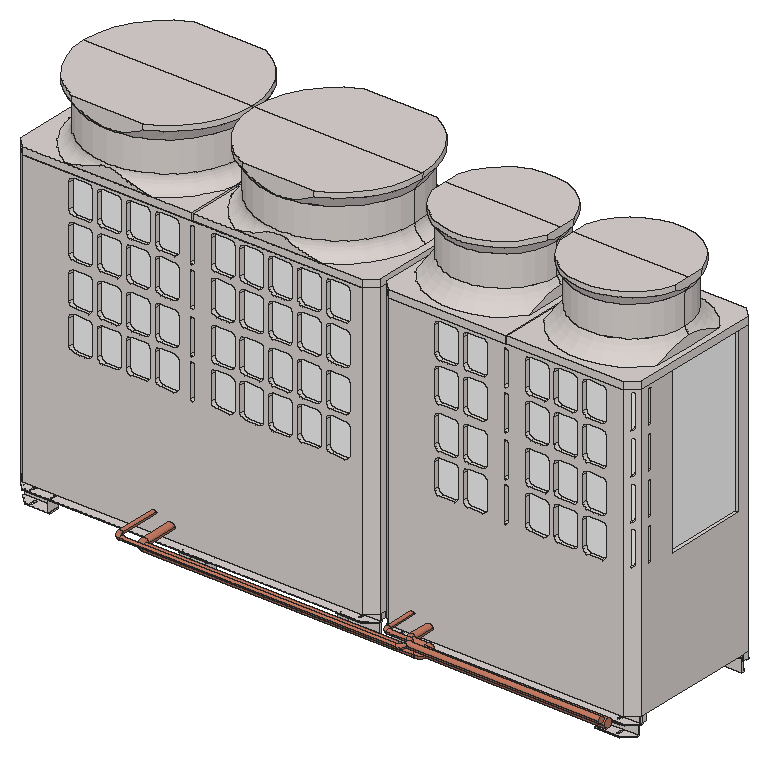
Revit family "PURY-EP950YSNW-A1", category 機械設備, Revit 2016 (continued)
Definition of nested family "PURY-EP500YNW-A1"
  Definition of nested family "FAN GUARD"
    Dimensions and locks
      locked: plane 6 to plane 5 at 740
      plane 8 to plane 3 "中心(左/右)" to plane 7 = 460.000 mm, 410.000 mm
      equal spacing: plane 6, plane 1 "中心(正面/背面)", plane 5
      plane 3 "中心(左/右)" to Revolve 2 sketch curve = 408.829 mm
      locked: plane 10 "ファンガード上面" to plane 9 "ファンガード基準上面" at 303
      locked: plane 12 to plane 11 at 870
      locked: plane 3 "中心(左/右)" to plane 11 at 410
      locked: plane 12 to plane 3 "中心(左/右)" at 460
      plane 9 "ファンガード基準上面" to plane 4 "ファンガード基準面" = 34.000 mm
      aligned and locked: level to plane 2
      aligned and locked: plane 5 to Extrusion 1 sketch curve
      aligned and locked: Extrusion 1 sketch curve to plane 6
      aligned and locked: plane 8 to Extrusion 1 sketch curve
      aligned and locked: plane 7 to Extrusion 1 sketch curve
      aligned and locked: plane 9 "ファンガード基準上面" to Extrusion 1
      aligned and locked: plane 4 "ファンガード基準面" to Extrusion 1
      aligned and locked: plane 9 "ファンガード基準上面" to Revolve 2 sketch curve
      aligned and locked: Revolve 2 sketch curve to plane 3 "中心(左/右)"
      aligned and locked: cut or joined group of Revolve 2, Extrusion 3, Extrusion 4 to plane 10 "ファンガード上面"
      aligned and locked: plane 11 to Extrusion 1
      aligned and locked: Extrusion 1 to plane 12
    Automatic sketch dimensions
      plane 8 to Extrusion 1 sketch curve = 50.000 mm  (x2)
      plane 5 to Extrusion 1 sketch curve = 50.000 mm
      Extrusion 1 sketch curve to plane 6 = 50.000 mm
      plane 3 "中心(左/右)" to Extrusion 3 sketch curve = 345.000 mm  (x2)
      Extrusion 3 sketch curve to plane 3 "中心(左/右)" = 345.000 mm  (x2)
      Extrusion 3 sketch curve to Extrusion 3 sketch curve = 175.000 mm
      Extrusion 3 sketch curve to Extrusion 3 sketch curve = 169.592 mm
      plane 1 "中心(正面/背面)" to curve 2 = 0.000 mm
      plane 1 "中心(正面/背面)" to curve 3 = 0.000 mm
      curve 3 to plane 3 "中心(左/右)" = 0.000 mm
      curve 12 to plane 3 "中心(左/右)" = 0.000 mm
      plane 1 "中心(正面/背面)" to curve 1 = 0.000 mm
      plane 3 "中心(左/右)" to curve 53 = 10.000 mm
      curve 17 to curve 12 = 20.000 mm
      curve 55 to curve 53 = 20.000 mm
      curve 18 to curve 17 = 20.000 mm
      curve 56 to curve 55 = 20.000 mm
      curve 19 to curve 18 = 20.000 mm
      curve 57 to curve 56 = 20.000 mm
      curve 20 to curve 19 = 20.000 mm
      curve 2 to curve 57 = 10.000 mm
      curve 21 to curve 20 = 20.000 mm
      curve 22 to curve 21 = 20.000 mm
      curve 23 to curve 22 = 20.000 mm
      curve 24 to curve 23 = 20.000 mm
      curve 25 to curve 24 = 20.000 mm
      curve 26 to curve 25 = 20.000 mm
      curve 27 to curve 26 = 20.000 mm
      curve 28 to curve 27 = 20.000 mm
      curve 29 to curve 28 = 20.000 mm
      curve 29 to curve 11 = 5.558 mm
      curve 29 to curve 7 = 5.558 mm
      curve 30 to curve 7 = 25.558 mm
      curve 31 to curve 30 = 20.000 mm
      curve 32 to curve 31 = 20.000 mm
      curve 33 to curve 32 = 20.000 mm
      curve 33 to curve 6 = 9.030 mm
      curve 33 to curve 10 = 9.030 mm
      curve 34 to curve 10 = 29.030 mm
      curve 35 to curve 34 = 20.000 mm
      curve 35 to curve 9 = 3.781 mm
      curve 35 to curve 5 = 3.781 mm
      curve 36 to curve 9 = 23.781 mm
      curve 8 to curve 36 = 0.925 mm
      curve 4 to curve 36 = 0.925 mm
      curve 54 to plane 3 "中心(左/右)" = 10.000 mm
      curve 13 to plane 3 "中心(左/右)" = 20.000 mm
      curve 54 to curve 58 = 20.000 mm
      curve 13 to curve 14 = 20.000 mm
      curve 58 to curve 59 = 20.000 mm
      curve 14 to curve 15 = 20.000 mm
      curve 59 to curve 60 = 20.000 mm
      curve 15 to curve 16 = 20.000 mm
      curve 16 to curve 37 = 20.000 mm
      curve 37 to curve 38 = 20.000 mm
      curve 38 to curve 39 = 20.000 mm
      curve 39 to curve 40 = 20.000 mm
      curve 40 to curve 41 = 20.000 mm
      curve 41 to curve 42 = 20.000 mm
      curve 42 to curve 43 = 20.000 mm
      curve 43 to curve 44 = 20.000 mm
      curve 44 to curve 45 = 20.000 mm
      curve 7 to curve 45 = 5.558 mm
      curve 11 to curve 45 = 5.558 mm
      curve 7 to curve 46 = 25.558 mm
      curve 46 to curve 47 = 20.000 mm
      curve 47 to curve 48 = 20.000 mm
      curve 48 to curve 49 = 20.000 mm
      curve 6 to curve 49 = 9.030 mm
      curve 10 to curve 49 = 9.030 mm
      curve 10 to curve 50 = 29.030 mm
      curve 50 to curve 51 = 20.000 mm
      curve 9 to curve 51 = 3.781 mm
      curve 5 to curve 51 = 3.781 mm
      curve 5 to curve 52 = 23.781 mm
      curve 52 to curve 8 = 0.925 mm
      curve 8 to plane 1 "中心(正面/背面)" = 80.000 mm
      curve 36 to curve 8 = 4.504 mm
      curve 52 to curve 8 = 4.504 mm
      curve 9 to curve 36 = 75.496 mm
      curve 9 to curve 51 = 9.199 mm
      curve 9 to curve 35 = 9.199 mm
      curve 50 to curve 51 = 42.954 mm
      curve 34 to curve 35 = 42.954 mm
      curve 10 to curve 50 = 46.245 mm
      curve 10 to curve 33 = 12.974 mm
      curve 10 to curve 49 = 12.974 mm
      curve 48 to curve 49 = 27.416 mm
      curve 32 to curve 33 = 27.416 mm
      curve 47 to curve 48 = 23.300 mm
      curve 31 to curve 32 = 23.300 mm
      curve 46 to curve 47 = 20.152 mm
      curve 30 to curve 31 = 20.152 mm
      curve 11 to curve 30 = 22.106 mm
      curve 11 to curve 29 = 4.499 mm
      curve 11 to curve 45 = 4.499 mm
      curve 28 to curve 29 = 15.469 mm
      curve 44 to curve 45 = 15.469 mm
      curve 43 to curve 44 = 13.618 mm
      curve 27 to curve 28 = 13.618 mm
      curve 12 to curve 27 = 25.412 mm
      curve 12 to curve 21 = 0.000 mm
      curve 13 to curve 12 = 0.000 mm
      curve 14 to curve 13 = 0.000 mm  (x2)
      curve 12 to curve 18 = 0.000 mm
      curve 21 to curve 23 = 0.000 mm
      curve 42 to curve 43 = 11.980 mm
      curve 23 to curve 24 = 0.000 mm  (x2)
      curve 41 to curve 42 = 10.502 mm
      curve 24 to curve 25 = 2.929 mm
      curve 40 to curve 41 = 2.929 mm
      curve 25 to curve 26 = 10.502 mm
      curve 40 to curve 39 = 0.000 mm  (x2)
      curve 20 to curve 21 = 0.000 mm  (x2)
      curve 39 to curve 38 = 0.000 mm  (x2)
      curve 15 to curve 14 = 0.000 mm
      curve 38 to curve 37 = 0.000 mm
      curve 37 to curve 16 = 0.000 mm  (x2)
      curve 18 to curve 19 = 0.000 mm  (x2)
      curve 12 to curve 17 = 0.000 mm  (x2)
      curve 21 to curve 22 = 0.000 mm  (x2)
      curve 4 to curve 36 = 4.504 mm
      curve 4 to curve 52 = 4.504 mm
      curve 36 to curve 5 = 75.496 mm
      curve 51 to curve 5 = 9.199 mm
      curve 35 to curve 5 = 9.199 mm
      curve 35 to curve 34 = 42.954 mm
      curve 51 to curve 50 = 42.954 mm
      curve 50 to curve 6 = 46.245 mm
      curve 49 to curve 6 = 12.974 mm
      curve 33 to curve 6 = 12.974 mm
      curve 49 to curve 48 = 27.416 mm
      curve 33 to curve 32 = 27.416 mm
      curve 48 to curve 47 = 23.300 mm
      curve 32 to curve 31 = 23.300 mm
      curve 47 to curve 46 = 20.152 mm
      curve 31 to curve 30 = 20.152 mm
      curve 30 to curve 7 = 22.106 mm
      curve 45 to curve 7 = 4.499 mm
      curve 29 to curve 7 = 4.499 mm
      curve 29 to curve 28 = 15.469 mm
      curve 45 to curve 44 = 15.469 mm
      curve 44 to curve 43 = 13.618 mm
      curve 28 to curve 27 = 13.618 mm
      curve 43 to curve 13 = 25.412 mm
      curve 27 to curve 23 = 25.412 mm
      curve 15 to curve 13 = 0.000 mm
      curve 43 to curve 41 = 22.483 mm
      curve 42 to curve 41 = 10.502 mm
      curve 16 to curve 15 = 0.000 mm
      curve 41 to curve 40 = 2.929 mm
      curve 25 to curve 24 = 2.929 mm
      curve 26 to curve 25 = 10.502 mm
      curve 22 to curve 23 = 0.000 mm
      curve 13 to curve 17 = 0.000 mm
      curve 17 to curve 19 = 0.000 mm
      Revolve 2 sketch curve to plane 10 "ファンガード上面" = 0.000 mm
      Revolve 2 sketch curve to plane 3 "中心(左/右)" = 0.000 mm
      Revolve 2 sketch curve to Revolve 2 sketch curve = 14.665 mm
      Revolve 2 sketch curve to Revolve 2 sketch curve = 17.668 mm
      Revolve 2 sketch curve to plane 10 "ファンガード上面" = 82.799 mm
      Revolve 2 sketch curve to Revolve 2 sketch curve = 40.000 mm
      Revolve 2 sketch curve to level = 1700.815 mm
      Revolve 2 sketch curve to plane 10 "ファンガード上面" = 25.673 mm
      Revolve 2 sketch curve to Revolve 2 sketch curve = 790.769 mm
      curve 4 to curve 1 = 8.829 mm
      curve 2 to curve 4 = 7.904 mm
      plane 1 "中心(正面/背面)" to curve 4 = 80.000 mm
      Extrusion 4 sketch curve to plane 1 "中心(正面/背面)" = 160.000 mm
      plane 3 "中心(左/右)" to Extrusion 4 sketch curve = 450.000 mm
      Extrusion 4 sketch curve to Extrusion 4 sketch curve = 40.000 mm
      plane 1 "中心(正面/背面)" to Extrusion 4 sketch curve = 160.000 mm
      Extrusion 3 sketch curve to plane 1 "中心(正面/背面)" = 545.000 mm
      plane 1 "中心(正面/背面)" to Extrusion 3 sketch curve = 370.000 mm
  Definition of nested family "BASE LEG"
    Parameters
      Width [instance] = 920.000 mm
    Reference planes
      plane 1 "中心(正面/背面)": y = 0
      plane 2: z = 0
      plane 3 "中心(左/右)": x = 0
      plane 4: x = 460
      plane 5: x = -460
      plane 6: x = -380
      plane 7: x = 380
      plane 8: y = -18
      plane 9: y = 39
      plane 10: z = 53
      plane 11: y = 42
      plane 12: y = 27
      plane 13: x = 415
      plane 14: x = -415
      plane 15: z = 8
      plane 16: y = 11.5
      plane 17: z = 35
    Forms (mm)
      Extrusion 1, solid
        sketch origin (0, 0, 0) x (0, 1, 0) y (0, 0, 1)
          loop
            line (-18, 0) -> (36, 0) -> (36, 32) -> (56, 32) -> (56, 35) -> (33, 35) -> (33, 3) -> (-18, 3) -> (-18, 0)
        from -460 to 460
      Extrusion 2, void
        sketch origin (0, 0, 0) x (1, 0, 0) y (0, 1, 0)
          loop
            line (415, -18) -> (460, -18) -> (460, 27) -> (415, -18)
          loop
            line (-415, -18) -> (-460, 27) -> (-460, -18) -> (-415, -18)
        from 0 to 250
      Extrusion 3, void
        sketch origin (0, 12.023, 0) x (1, 0, 0) y (0, 1, 0)
          loop
            arc (373, -2.971) -> (380, -9.971) -> (387, -2.971) r 7
            line (387, -2.971) -> (387, 3.023)
            arc (387, 3.023) -> (380, 10.023) -> (373, 3.023) r 7
            line (373, 3.023) -> (373, -2.971)
          loop
            line (-373, -2.971) -> (-373, 3.023)
            arc (-373, 3.023) -> (-380, 10.023) -> (-387, 3.023) r 7
            line (-387, 3.023) -> (-387, -2.971)
            arc (-387, -2.971) -> (-380, -9.971) -> (-373, -2.971) r 7
        from 0 to 250
      Extrusion 4, solid
        sketch origin (0, 0, -3) x (1, 0, 0) y (0, 0, 1)
          loop
            line (457, 8) -> (460, 8) -> (460, 35) -> (457, 35) -> (457, 8)
          loop
            line (-457, 8) -> (-457, 35) -> (-460, 35) -> (-460, 8) -> (-457, 8)
        from -36 to -56
      Extrusion 5, solid
        sketch origin (150, 352, 0) x (1, 0, 0) y (0, 1, 0)
          loop
            line (310, -319) -> (305, -319) -> (305, -320) -> (255, -370) -> (260, -370) -> (310, -320) -> (310, -319)
        from 3 to 35
      Extrusion 6, void
        sketch origin (410, -18, 0) x (0.707107, 0.707107, 0) y (0, 0, 1)
          loop
            line (70.711, 3) -> (-6.741, 39.767) -> (-6.741, 3) -> (70.711, 3)
        from -190.256 to 23.776
      Extrusion 7, solid
        sketch origin (-150, 352, 0) x (-1, 0, 0) y (0, -1, 0)
          loop
            line (310, 319) -> (310, 320) -> (260, 370) -> (255, 370) -> (305, 320) -> (305, 319) -> (310, 319)
        from 3 to 35
      Extrusion 8, void
        sketch origin (-410, -18, 0) x (0.707107, -0.707107, 0) y (0, 0, -1)
          loop
            line (-70.711, -3) -> (0, -35) -> (6.741, -35) -> (6.741, -3) -> (-70.711, -3)
        from -190.256 to 23.776
    Cuts and joins
      Extrusion 2, Extrusion 3 cuts Extrusion 1
      joined: Extrusion 1, Extrusion 4
      Extrusion 8 cuts Extrusion 7
      Extrusion 6 cuts Extrusion 5
    Dimensions and locks
      "Width": plane 5 to plane 4
      equal spacing: plane 5, plane 3 "中心(左/右)", plane 4
      locked: plane 5 to plane 6 at 80
      locked: plane 7 to plane 4 at 80
      locked: plane 8 to plane 9 at 57
      locked: plane 10 to level at 53
      locked: plane 9 to plane 11 at 3
      plane 8 to plane 12 = 45.000 mm
      locked: plane 13 to plane 4 at 45
      locked: plane 5 to plane 14 at 45
      equal spacing: Extrusion 3 sketch curve, plane 7, Extrusion 3 sketch curve
      equal spacing: Extrusion 3 sketch curve, plane 6, Extrusion 3 sketch curve
      locked: plane 10 to plane 15 at 45
      locked: cut or joined group of Extrusion 1, Extrusion 2, Extrusion 3, Extrusion 4 to Extrusion 4 sketch curve at 3  (x2)
      locked: plane 8 to plane 16 at 29.5
      plane 8 to plane 11 = 60.000 mm
      cut or joined group of Extrusion 1, Extrusion 2, Extrusion 3, Extrusion 4 to cut or joined group of Extrusion 1, Extrusion 2, Extrusion 3, Extrusion 4 = 35.000 mm
      aligned and locked: level to plane 2
      aligned and locked: plane 8 to Extrusion 1 sketch curve
      aligned and locked: plane 4 to Extrusion 1
      aligned and locked: Extrusion 1 to plane 5
      aligned and locked: Extrusion 2 sketch curve to plane 4
      aligned and locked: Extrusion 2 sketch curve to plane 8
      aligned and locked: plane 12 to Extrusion 2 sketch curve
      aligned and locked: plane 13 to Extrusion 2 sketch curve
      aligned and locked: plane 4 to Extrusion 4 sketch curve
      aligned and locked: plane 5 to Extrusion 4 sketch curve
      aligned and locked: cut or joined group of Extrusion 7, Extrusion 8 to cut or joined group of Extrusion 1, Extrusion 2, Extrusion 3, Extrusion 4
    Automatic sketch dimensions
      Extrusion 3 sketch curve to plane 1 "中心(正面/背面)" = 9.052 mm  (x2)
      Extrusion 3 sketch curve to plane 7 = 7.000 mm
      Extrusion 3 sketch curve to plane 1 "中心(正面/背面)" = 15.046 mm  (x2)
      Extrusion 3 sketch curve to plane 6 = 7.000 mm
      Extrusion 2 sketch curve to plane 5 = 0.000 mm
      plane 8 to Extrusion 2 sketch curve = 0.000 mm
      Extrusion 2 sketch curve to plane 14 = 0.000 mm
      plane 12 to Extrusion 2 sketch curve = 0.000 mm
      Extrusion 4 sketch curve to plane 10 = 21.000 mm
      plane 7 to Extrusion 5 sketch curve = 25.000 mm
      Extrusion 5 sketch curve to Extrusion 5 sketch curve = 5.000 mm  (x2)
      plane 7 to Extrusion 5 sketch curve = 75.000 mm
      plane 8 to Extrusion 5 sketch curve = 0.000 mm
      Extrusion 5 sketch curve to Extrusion 5 sketch curve = 50.000 mm
      Extrusion 5 sketch curve to Extrusion 5 sketch curve = 0.000 mm
      Extrusion 5 sketch curve to Extrusion 5 sketch curve = 1.000 mm
      Extrusion 6 sketch curve to Extrusion 5 = 0.000 mm  (x2)
      Extrusion 6 sketch curve to Extrusion 5 = 6.741 mm
      Extrusion 6 sketch curve to Extrusion 5 = 4.767 mm
      plane 6 to Extrusion 7 sketch curve = 25.000 mm
      Extrusion 7 sketch curve to Extrusion 7 sketch curve = 5.000 mm  (x2)
      Extrusion 7 sketch curve to Extrusion 7 sketch curve = 45.000 mm
      Extrusion 7 sketch curve to plane 8 = 0.000 mm
      Extrusion 7 sketch curve to Extrusion 7 sketch curve = 50.000 mm
      Extrusion 7 sketch curve to Extrusion 7 sketch curve = 0.000 mm
      Extrusion 7 sketch curve to Extrusion 7 sketch curve = 1.000 mm
      Extrusion 8 sketch curve to Extrusion 7 = 0.000 mm  (x2)
      Extrusion 7 to Extrusion 8 sketch curve = 0.000 mm  (x2)
      Extrusion 7 to Extrusion 8 sketch curve = 6.741 mm
      Extrusion 4 sketch curve to plane 17 = 3.000 mm
      Extrusion 4 sketch curve to plane 15 = 3.000 mm  (x2)
      Extrusion 1 sketch curve to plane 17 = 0.000 mm
      Extrusion 1 sketch curve to level = 0.000 mm
      level to Extrusion 1 sketch curve = 3.000 mm
      plane 9 to Extrusion 1 sketch curve = 6.000 mm
      plane 9 to Extrusion 1 sketch curve = 3.000 mm
      Extrusion 1 sketch curve to plane 17 = 3.000 mm
      Extrusion 1 sketch curve to plane 11 = 14.000 mm
  Definition of nested family "ATTACHMENT LEG"
    Parameters
      Width = 145.000 mm
    Reference planes
      plane 1: z = 0
      plane 2 "中心(左/右)": x = -6
      plane 3: x = -52
      plane 4: x = 85
      plane 5: x = 93
      plane 6: y = -18
      plane 7: y = 27
      plane 8: x = -30
      plane 9: y = 42
      plane 10: z = 60
      plane 11: z = 57
      plane 12: z = 3
      plane 13: x = 82
      plane 14: y = 39
      plane 15: x = -75
      plane 16: y = 32
      plane 17 "幅": x = 93
      plane 18: y = 5.5
      plane 19: y = 21
      plane 20: y = -10
    Forms (mm)
      Extrusion 1, solid
        sketch origin (0, 0, 0) x (1, 0, 0) y (0, 1, 0)
          loop
            line (-75, 42) -> (-75, 27) -> (-30, -18) -> (93, -18) -> (93, 32) -> (85, 32) -> (85, 42) -> (-75, 42)
        from 0 to 60
      Extrusion 2, void
        sketch origin (0, 0, 0) x (1, 0, 0) y (0, 0, 1)
          loop
            line (-75, 57) -> (-75, 3) -> (82, 3) -> (82, 57) -> (-75, 57)
          loop
            line (93, 57) -> (85, 57) -> (85, 3) -> (93, 3) -> (93, 57)
        from -39 to 18
      Extrusion 3, void
        sketch origin (-6, 5.5, 0) x (1, 0, 0) y (0, 1, 0)
          loop
            arc (-7, -8.5) -> (0, -15.5) -> (7, -8.5) r 7
            line (7, -8.5) -> (7, 8.5)
            arc (7, 8.5) -> (0, 15.5) -> (-7, 8.5) r 7
            line (-7, 8.5) -> (-7, -8.5)
        from 0 to 60
    Cuts and joins
      Extrusion 2, Extrusion 3 cuts Extrusion 1
    Dimensions and locks
      locked: plane 3 to plane 4 at 137
      locked: plane 3 to plane 5 at 145
      plane 6 to plane 7 = 45.000 mm
      locked: plane 6 to plane 9 at 60
      locked: plane 10 to level at 60
      Extrusion 3 sketch curve to plane 2 "中心(左/右)" = 7.000 mm
      locked: plane 15 to plane 2 "中心(左/右)" at 69
      locked: plane 15 to plane 8 at 45
      locked: plane 6 to plane 18 at 23.5
      cut or joined group of Extrusion 1, Extrusion 2, Extrusion 3 to cut or joined group of Extrusion 1, Extrusion 2, Extrusion 3 = 168.000 mm
      aligned and locked: level to plane 1
      aligned and locked: plane 9 to Extrusion 1 sketch curve
      aligned and locked: Extrusion 1 sketch curve to plane 4
      aligned and locked: Extrusion 1 sketch curve to plane 5
      aligned and locked: Extrusion 1 sketch curve to plane 6
      aligned: plane 8 to Extrusion 1 sketch curve
      aligned and locked: plane 10 to Extrusion 1
      aligned and locked: Extrusion 2 sketch curve to plane 11
      aligned: plane 3 to Extrusion 2 sketch curve
      aligned and locked: plane 12 to Extrusion 2 sketch curve
      aligned and locked: Extrusion 2 sketch curve to plane 13
      aligned and locked: plane 6 to Extrusion 2
      aligned and locked: Extrusion 2 to plane 14
      aligned and locked: plane 11 to Extrusion 2 sketch curve
      aligned and locked: plane 5 to Extrusion 2 sketch curve
      aligned and locked: Extrusion 2 sketch curve to plane 12
      aligned and locked: Extrusion 2 sketch curve to plane 4
      aligned and locked: plane 15 to Extrusion 1 sketch curve
      aligned and locked: plane 8 to Extrusion 1 sketch curve
      aligned and locked: Extrusion 2 sketch curve to cut or joined group of Extrusion 1, Extrusion 2, Extrusion 3
      aligned and locked: Extrusion 1 to plane 16
  Definition of nested family "ATTACHMENT LEG_XL"
    Parameters
      Width = 145.000 mm
    Reference planes
      plane 1: z = 0
      plane 2 "中心(左/右)": x = 0
      plane 3: x = -72.5
      plane 4: x = 72.5
      plane 5: y = -18
      plane 6: y = 42
      plane 7: z = 60
      plane 8: z = 57
      plane 9: z = 3
      plane 10: y = 5.5
    Forms (mm)
      Extrusion 1, solid
        sketch origin (0, 0, 0) x (1, 0, 0) y (0, 1, 0)
          loop
            line (-72.5, 42) -> (-72.5, -18) -> (72.5, -18) -> (72.5, 42) -> (-72.5, 42)
        from 0 to 60
      Extrusion 2, void
        sketch origin (67.561, -18, 0) x (1, 0, 0) y (0, 0, -1)
          loop
            line (-140.061, -57) -> (-132.061, -57) -> (-132.061, -3) -> (-140.061, -3) -> (-140.061, -57)
          loop
            line (4.939, -57) -> (4.939, -3) -> (-3.061, -3) -> (-3.061, -57) -> (4.939, -57)
        from 0 to 60
      Extrusion 3, void
        sketch origin (67.561, -18, 0) x (1, 0, 0) y (0, 0, -1)
          loop
            line (-129.061, -3) -> (-129.061, -57) -> (-6.061, -57) -> (-6.061, -3) -> (-129.061, -3)
        from 0 to 57
      Extrusion 4, void
        sketch origin (0, 0, 0) x (1, 0, 0) y (0, 1, 0)
          loop
            line (-7, 14) -> (-7, -3.029)
            arc (-7, -3.029) -> (0, -10.029) -> (7, -3.029) r 7
            line (7, -3.029) -> (7, 14)
            arc (7, 14) -> (0, 21) -> (-7, 14) r 7
        from 0 to 3
      Extrusion 5, void
        sketch origin (0, 0, 60) x (0, 1, 0) y (1, 0, 0)
          loop
            line (32, 67.5) -> (32, 64.5) -> (42, 64.5) -> (42, 72.5) -> (27, 72.5) -> (32, 67.5)
          loop
            line (-13, 72.5) -> (-18, 72.5) -> (-18, 67.5) -> (-13, 72.5)
          loop
            line (32, -67.5) -> (27, -72.5) -> (42, -72.5) -> (42, -64.5) -> (32, -64.5) -> (32, -67.5)
          loop
            line (-13, -72.5) -> (-18, -67.5) -> (-18, -72.5) -> (-13, -72.5)
        from 0 to 60
    Cuts and joins
      Extrusion 2, Extrusion 3, Extrusion 4, Extrusion 5 cuts Extrusion 1
    Dimensions and locks
      locked: plane 3 to plane 4 at 145
      locked: plane 5 to plane 6 at 60
      locked: plane 7 to level at 60
      aligned and locked: level to plane 1
      aligned and locked: plane 7 to Extrusion 1
Types (6, lengths in mm): name | Voltage | InstallationDate | Hertz | Heating Rated Load Ampacity (A) | Heating Current Input (Nominal) (A) | Heating Current Input (A) | Equip_description | Equip_ID | Description | CreatedOn | CreatedBy | Cooling Rated Load Ampacity (A) | Cooling Current Input (A) | Category | Barcode | AssetIdentifier
  PURY-EP950YSNW-A1_380V_50Hz | 380 V | "" | 50 Hz | 55.7 | 46.9 | 55.7 | "" | "" | "" | "" | "" | 56 | 56 | "" | "" | ""
  PURY-EP950YSNW-A1_380V_60Hz | 380 V | "0" | 60 Hz | 55.7 | 46.9 | 55.7 | "0" | "0" | "0" | "0" | "0" | 56 | 56 | "0" | "0" | "0"
  PURY-EP950YSNW-A1_400V_50Hz | 400 V | "0" | 50 Hz | 52.9 | 44.6 | 52.9 | "0" | "0" | "0" | "0" | "0" | 53.2 | 53.2 | "0" | "0" | "0"
  PURY-EP950YSNW-A1_400V_60Hz | 400 V | "0" | 60 Hz | 52.9 | 44.6 | 52.9 | "0" | "0" | "0" | "0" | "0" | 53.2 | 53.2 | "0" | "0" | "0"
  PURY-EP950YSNW-A1_415V_50Hz | 415 V | "0" | 50 Hz | 51 | 43 | 51 | "0" | "0" | "0" | "0" | "0" | 51.3 | 51.3 | "0" | "0" | "0"
  PURY-EP950YSNW-A1_415V_60Hz | 415 V | "0" | 60 Hz | 51 | 43 | 51 | "0" | "0" | "0" | "0" | "0" | 51.3 | 51.3 | "0" | "0" | "0"
